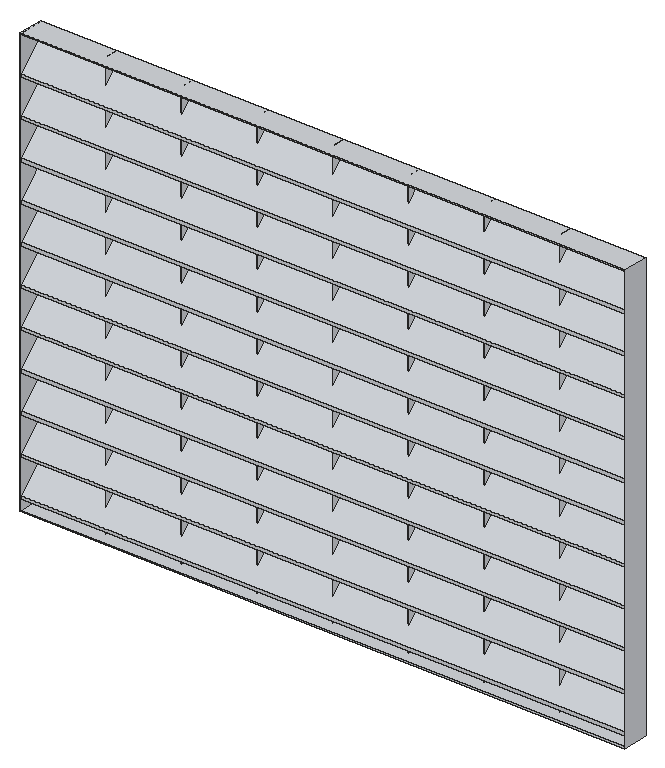
Revit family "Louver-Bloc I Screen", category Mechanical Equipment, Revit 2015
Parameters
  VBar Number [instance] = ((Exact Width / 2) - Frame Thickness) / A  # 4
  VBar Height [instance] = Exact Height - Frame Thickness * 2  # 5' - 7 3/4"
  URL = "http://unitedenertech.com/catalog/pdf/D_2%20LOUVER-BLOC%20I%20SCREEN.pdf"
  Type Comments = "Max. Single Section Sizes are (120\"w x 84\"h) or (84\"w x 120\"h)"
  Model = "Louver-Bloc I Screen"
  Manufacturer = "United Enertech Corporation"
  Keynote = "See Submittal for Max. A, B, Depth, and Thickness Values."
  HBar Width [instance] = Exact Width - Frame Thickness * 2  # 7' - 11 3/4"
  HBar Number [instance] = ((Exact Height / 2) - Frame Thickness) / B  # 6
  Frame Thickness = 0' - 0 1/8"
  Exact Width = 8' - 0"
  Exact Height = 5' - 8"
  Description = "Louver-Bloc Architectural Grille. Bar Frame Shown, consult Factory for Tube or Channel Frame Models."
  Depth = 0' - 4"
  D/2 [instance] = Depth / 2  # 0' - 2"
  Center Offset [instance] = (((tan(Blade Angle)) * Depth) + 0' 0 1/2") / 2  # 0' - 2 1/4"
  Blade Angle = 45.00°
  B = 0' - 6"
  A = 1' - 0"
Reference planes (in)
  plane 1 "Center (Front/Back)": y = 0
  plane 2: z = 0
  plane 3 "Center (Left/Right)": x = 0
  plane 4: x = -48
  plane 5: x = 48
  plane 6: y = 2
  plane 7: y = -2
  plane 8: z = 68
  plane 9: z = 34
  plane 10: x = -47.875
  plane 11: x = 47.875
  plane 12: z = 0.125
  plane 13: z = 67.875
  plane 14: x = 0.0625
  plane 15: z = 31.75
Forms (in)
  Extrusion 1, solid
    sketch origin (0, 0, 0) x (1, 0, 0) y (0, 0, 1)
      loop
        line (-47.875, 67.875) -> (-47.875, 0.125) -> (47.875, 0.125) -> (47.875, 67.875) -> (-47.875, 67.875)
      loop
        line (-48, 68) -> (-48, 0) -> (48, 0) -> (48, 68) -> (-48, 68)
    from -2 to 2
Dimensions and locks (in)
  "Exact Width": plane 4 to plane 5
  "Depth": plane 6 to plane 7
  equal spacing: plane 4, plane 3 "Center (Left/Right)", plane 5
  equal spacing: plane 6, plane 1 "Center (Front/Back)", plane 7
  equal spacing: plane 8, plane 9, level
  "Exact Height": plane 8 to level
  "Frame Thickness": plane 11 to plane 5
  "Frame Thickness": plane 4 to plane 10
  "Frame Thickness": plane 12 to level
  "Frame Thickness": plane 8 to plane 13
  locked: plane 3 "Center (Left/Right)" to plane 14 at 0.0625
  equal spacing: group 1, group 2, group 3, group 6  (x3)
  "A": nested 1 to nested 2
  equal spacing: group 7, group 5, group 4, group 1
  equal spacing: group 1, group 4, group 5, group 7  (x2)
  "A": nested 4 to nested 1
  "Center Offset": plane 9 to plane 15
  equal spacing: group 8, group 9, group 10, group 11, group 12, group 17  (x3)
  "B": nested 8 to nested 9
  equal spacing: group 8, group 13, group 14, group 15, group 16, group 18  (x2)
  equal spacing: group 18, group 16, group 15, group 14, group 13, group 8
  "B": nested 13 to nested 8
  aligned and locked: level to plane 2
  aligned and locked: level to Extrusion 1 sketch curve
  aligned and locked: plane 4 to Extrusion 1 sketch curve
  aligned and locked: Extrusion 1 sketch curve to plane 5
  aligned and locked: plane 12 to Extrusion 1 sketch curve
  aligned and locked: plane 11 to Extrusion 1 sketch curve
  aligned and locked: plane 10 to Extrusion 1 sketch curve
  aligned and locked: Extrusion 1 sketch curve to plane 8
  aligned and locked: plane 13 to Extrusion 1 sketch curve
  aligned and locked: Extrusion 1 to plane 6
  aligned and locked: Extrusion 1 to plane 7
  aligned and locked: nested 1 to plane 12
  aligned and locked: plane 6 to nested 1
  aligned and locked: plane 14 to nested 1
  aligned and locked: nested 2 to nested 1
  aligned and locked: nested 1 to nested 4
  aligned and locked: plane 3 "Center (Left/Right)" to nested 8
  aligned and locked: nested 8 to plane 15
  aligned and locked: plane 7 to nested 8
  aligned and locked: nested 9 to nested 8  (x2)
Nested families (in)
  nested 1: "VBAR" at (0.0625, 0, 0.125), type "VBAR"
    with W 0' - 0 1/8", H 5' - 7 3/4", D 0' - 2"
  nested 2: "VBAR" at (12.0625, 0, 0.125), type "VBAR"
    with W 0' - 0 1/8", H 5' - 7 3/4", D 0' - 2"
  nested 3: "VBAR" at (24.0625, 0, 0.125), type "VBAR"
    with W 0' - 0 1/8", H 5' - 7 3/4", D 0' - 2"
  nested 4: "VBAR" at (-11.9375, 0, 0.125), type "VBAR"
    with W 0' - 0 1/8", H 5' - 7 3/4", D 0' - 2"
  nested 5: "VBAR" at (-23.9375, 0, 0.125), type "VBAR"
    with W 0' - 0 1/8", H 5' - 7 3/4", D 0' - 2"
  nested 6: "VBAR" at (36.0625, 0, 0.125), type "VBAR"
    with W 0' - 0 1/8", H 5' - 7 3/4", D 0' - 2"
  nested 7: "VBAR" at (-35.9375, 0, 0.125), type "VBAR"
    with W 0' - 0 1/8", H 5' - 7 3/4", D 0' - 2"
  nested 8: "HBARR" at (0, -2, 31.75) x (-1, 0, 0) z (0, 0, 1), type "HBARR"
    with W 7' - 11 3/4"
  nested 9: "HBARR" at (0, -2, 37.75) x (-1, 0, 0) z (0, 0, 1), type "HBARR"
    with W 7' - 11 3/4"
  nested 10: "HBARR" at (0, -2, 43.75) x (-1, 0, 0) z (0, 0, 1), type "HBARR"
    with W 7' - 11 3/4"
  nested 11: "HBARR" at (0, -2, 49.75) x (-1, 0, 0) z (0, 0, 1), type "HBARR"
    with W 7' - 11 3/4"
  nested 12: "HBARR" at (0, -2, 55.75) x (-1, 0, 0) z (0, 0, 1), type "HBARR"
    with W 7' - 11 3/4"
  nested 13: "HBARR" at (0, -2, 25.75) x (-1, 0, 0) z (0, 0, 1), type "HBARR"
    with W 7' - 11 3/4"
  nested 14: "HBARR" at (0, -2, 19.75) x (-1, 0, 0) z (0, 0, 1), type "HBARR"
    with W 7' - 11 3/4"
  nested 15: "HBARR" at (0, -2, 13.75) x (-1, 0, 0) z (0, 0, 1), type "HBARR"
    with W 7' - 11 3/4"
  nested 16: "HBARR" at (0, -2, 7.75) x (-1, 0, 0) z (0, 0, 1), type "HBARR"
    with W 7' - 11 3/4"
  nested 17: "HBARR" at (0, -2, 61.75) x (-1, 0, 0) z (0, 0, 1), type "HBARR"
    with W 7' - 11 3/4"
  nested 18: "HBARR" at (0, -2, 1.75) x (-1, 0, 0) z (0, 0, 1), type "HBARR"
    with W 7' - 11 3/4"
Definition of nested family "VBAR"
  Parameters (values of type "VBAR")
    W = 0' - 1"
    H = 2' - 9"
    D = 0' - 8"
  Reference planes (in)
    plane 1 "Center (Front/Back)": y = 0
    plane 2: z = 0
    plane 3 "Center (Left/Right)": x = 0
    plane 4: x = -1
    plane 5: y = 8
    plane 6: z = 33
  Forms (in)
    Extrusion 1, solid
      sketch origin (0, 0, 0) x (1, 0, 0) y (0, 1, 0)
        loop
          line (-1, 8) -> (-1, 0) -> (0, 0) -> (0, 8) -> (-1, 8)
      from 0 to 33
  Dimensions and locks (in)
    "D": plane 1 "Center (Front/Back)" to plane 5
    "W": plane 4 to plane 3 "Center (Left/Right)"
    "H": plane 6 to level
    aligned and locked: level to plane 2
    aligned and locked: Extrusion 1 sketch curve to plane 3 "Center (Left/Right)"
    aligned and locked: Extrusion 1 sketch curve to plane 5
    aligned and locked: Extrusion 1 sketch curve to plane 1 "Center (Front/Back)"
    aligned and locked: Extrusion 1 sketch curve to plane 4
    aligned and locked: plane 6 to Extrusion 1
    aligned and locked: Extrusion 1 to level
Definition of nested family "HBARR"
  Parameters (values of type "HBARR")
    W = 4' - 5 3/4"
    D = 0' - 4"
    Ange = 45.00°
  Reference planes (in)
    plane 1 "Center (Front/Back)": y = 0
    plane 2: z = 0
    plane 3 "Center (Left/Right)": x = 0
    plane 4: y = -4
    plane 5: z = 0.5
    plane 6: x = -26.875
    plane 7: x = 26.875
  Forms (in)
    Extrusion 1, solid
      sketch origin (0, 0, 0) x (0, 1, 0) y (0, 0, 1)
        loop
          line (0, 0) -> (0, 0.5) -> (-4, 4.5) -> (-4, 4.32322) -> (-0.125, 0.44822) -> (-0.125, 0) -> (0, 0)
      from -26.875 to 26.875
  Dimensions and locks (in)
    "D": plane 1 "Center (Front/Back)" to plane 4
    locked: plane 5 to level at 0.5
    equal spacing: plane 7, plane 3 "Center (Left/Right)", plane 6
    "W": plane 7 to plane 6
    "Ange": angle plane 5 to Extrusion 1 sketch curve
    aligned and locked: level to plane 2
    aligned and locked: plane 7 to Extrusion 1
    aligned and locked: Extrusion 1 to plane 6
  Automatic sketch dimensions
    Extrusion 1 sketch curve to plane 4 = 0' - 0"
    Extrusion 1 sketch curve to level = 0' - 0"
    Extrusion 1 sketch curve to plane 1 "Center (Front/Back)" = 0' - 0"
    Extrusion 1 sketch curve to plane 5 = 0' - 0"
    Extrusion 1 sketch curve to plane 5 = 0' - 0.05178"
    plane 1 "Center (Front/Back)" to Extrusion 1 sketch curve = 0' - 0 1/8"
    Extrusion 1 sketch curve to Extrusion 1 sketch curve = 0' - 0.17678"
